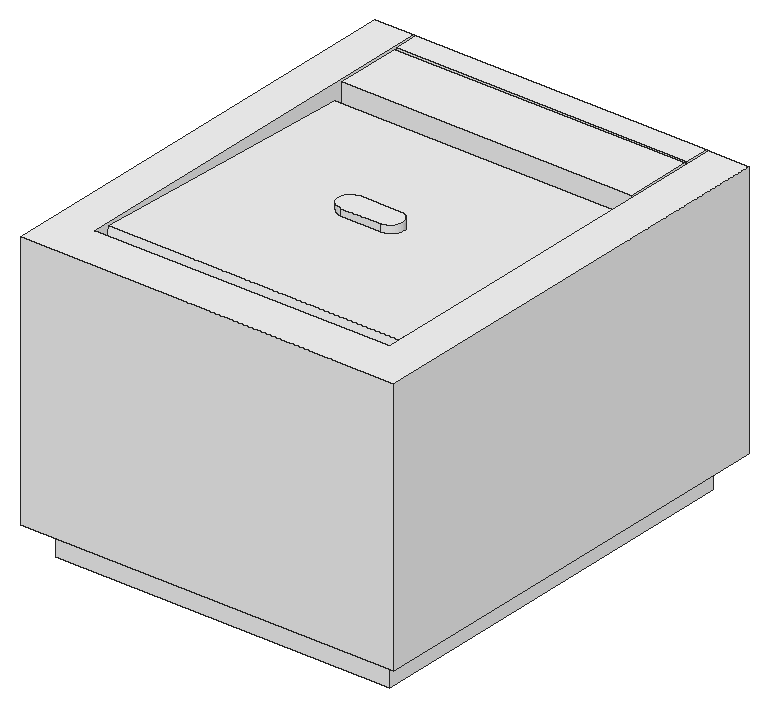
Revit family "Gira_015230", category Electrical Fixtures, host Face, Revit 2017
Family settings
  Host = Face
  Maintain Annotation Orientation = Yes
  Round Connector Dimension = Use Diameter
  Part Type = Normal
  Cut with Voids When Loaded = No
  Shared = No
  Room Calculation Point = No
Parameters (values of type "Rocker btn NO con. s.sig. in.sp. WP surface-mounted grey")
  With lighting = "No"
  White [instance] = White
  URL = "http://katalog.gira.de/en/datenblatt.html?artikelnr=015230"
  Transparent = "No"
  Surface protection = "Other"
  Suitable for degree of protection (IP) = "IP44"
  Rated current = "10"
  Number of rockers = "1"
  Nominal voltage = "250"
  Name = "Rocker btn NO con. s.sig. in.sp. WP surface-mounted grey"
  Mounting method = "Surface mounted (plaster)"
  Model = "Single push button"
  Method of operation = "Rocker"
  Material quality = "Other"
  Material = "Other"
  Manufacturer URL = "https://www.gira.de/"
  Manufacturer = "Gira"
  Label space/information surface = "No"
  Imprint = "None"
  HeinzeBIM = "https://bimportal.heinze.de/bim/rocker-btn-no-con-s-sig-in-sp-wp-surface-mounted-grey/329170ea7785cbead1710d089d11a5d5d2393a49"
  Halogen free = "No"
  HAN = "015230"
  GTIN = "4010337152309"
  Feedback-signal contact = "Yes"
  Description = "Rock.btn NO con.s.sig.in.sp. WP SM GY,Rocker Button 10 AX 250 V~ with inscription space,NO contact, 1-pole with sep. signal contact,grey,Notes :,- Can also be connected with illumination."
  Default Elevation = 1219.2 mm
  Data sheet (1) = "https://katalog.gira.de/en/download.html?artikelnr=015230"
  Contacts = "1 make contact (NO)"
  Colour = "Grey"
  Category = "Push-switch button"
  BIM (1) = "https://media.stage.bim.site/public/gira/36a6b08/IP44_Komplettgerät_Schalten und Tasten.rfa?public/gira/36a6b08/IP44_Komplettgerät_Schalten und Tasten.rfa"
  Available = "No"
  Assembly arrangement = "Basic element with complete housing"
Reference planes
  plane 1 "Center (Front/Back)": y = 0
  plane 2: z = 0
  plane 3 "Center (Left/Right)": x = 0
  plane 4: x = 30
  plane 5: x = -30
  plane 6: z = 41.4
Forms (mm)
  Extrusion 1, solid, material "White" <- "White", detail levels medium+fine
    sketch origin (0, 0, 0) x (1, 0, 0) y (0, 1, 0)
      loop
        line (-34, 41) -> (-34, -41) -> (34, -41) -> (34, 41) -> (-34, 41)
    from 0 to -6.2
  Extrusion 2, solid, material "White" <- "White", detail levels medium+fine
    sketch origin (0, 0, 0) x (1, 0, 0) y (0, 1, 0)
      loop
        line (-38, 45) -> (-38, -45) -> (38, -45) -> (38, 45) -> (-38, 45)
    from 0 to 52.4
  Extrusion 3, void
    sketch origin (0, 0, 0) x (1, 0, 0) y (0, 0, 1)
      loop
        line (-30, 59.413) -> (-30, 41.4) -> (30, 41.4) -> (30, 59.413) -> (-30, 59.413)
    from 36 to -113.06
  Extrusion 4, solid, material "White" <- "White", detail levels medium
    sketch origin (225, 0, 0) x (1, 0, 0) y (0, 1, 0)
      loop
        line (-254.5, 44.5) -> (-254.5, -35.5) -> (-195.5, -35.5) -> (-195.5, 44.5) -> (-254.5, 44.5)
    from 41.4 to 52.4
  Extrusion 5, solid, material "White" <- "White", detail levels fine
    sketch origin (0, 0, 0) x (1, 0, 0) y (0, 1, 0)
      loop
        line (-29.5, 45) -> (-29.5, 40) -> (29.5, 40) -> (29.5, 45) -> (-29.5, 45)
    from 41.4 to 52.4
  Extrusion 6, solid, material "White" <- "White", detail levels fine
    sketch origin (0, 0, 0) x (1, 0, 0) y (0, 1, 0)
      loop
        line (29.5, 39.5) -> (-29.5, 39.5) -> (-29.5, 26) -> (29.5, 26) -> (29.5, 39.5)
    from 41.4 to 52.4
  Extrusion 7, solid, material "White" <- "White", detail levels fine
    sketch origin (0, 0, 0) x (1, 0, 0) y (0, 1, 0)
      loop
        arc (-4, -1) -> (-6.5, -3.5) -> (-4, -6) r 2.5
        line (-4, -6) -> (4, -6)
        arc (4, -6) -> (6.5, -3.5) -> (4, -1) r 2.5
        line (4, -1) -> (-4, -1)
    from 41.4 to 52.4
  Extrusion 8, solid, material "White" <- "White", detail levels coarse
    sketch origin (0, 0, 0) x (1, 0, 0) y (0, 1, 0)
      loop
        line (-38, 46) -> (-38, -45) -> (38, -45) -> (38, 46) -> (-38, 46)
    from -6.2 to 52.4
  Extrusion 9, solid, material "White" <- "White", detail levels medium+fine
    sketch origin (0, 0, 0) x (1, 0, 0) y (0, 0, 1)
      loop
        circle (0, 14) r 3.6
    from -46 to -45
  Extrusion 10, solid, material "White" <- "White", detail levels fine
    sketch origin (0, 0, 0) x (0, 1, 0) y (0, 0, 1)
      loop
        line (-36, 41.4) -> (26, 41.4) -> (24.38, 49.736) -> (-33.115, 52.169) -> (-36, 41.4)
    from -29.5 to 29.5
Cuts and joins
  Extrusion 3 cuts Extrusion 2
Dimensions and locks
  aligned and locked: plane 2 to host face
  aligned and locked: level to host face
  aligned and locked: plane 3 "Center (Left/Right)" to nested 1
  aligned and locked: plane 1 "Center (Front/Back)" to nested 1
Nested families
  nested 1: "Schalter" at (0, 0, 0), type "Schalter"
Connectors
  electrical at (0, 0, -6.2)
    settings: on Extrusion 1, index 1, voltage 224 V, apparent load 0 VA, apparent load phase1 0 VA, apparent load phase2 0 VA, apparent load phase3 0 VA, power factor 1, load classification "Other", number of poles 1, system type 30, power factor state 1, is connector primary yes, connector utility no, sub classification motor no, connector description ""
Definition of nested family "Schalter"
  Reference planes
    plane 1: y = 0
    plane 2: x = 0
  Lines and regions (mm)
    detail lines
      curve 1: circle (1.375, 2.778, 0) r 0.8 normal (0, 0, 1)
      curve 2: line (1.021, 2.061, 0) -> (0, 0, 0)
      curve 3: line (0, 0, 0) -> (-0.538, 0.266, 0)
  Dimensions and locks
    curve 2 to curve 2 = 2.3 mm
    curve 3 to curve 2 = 0.6 mm
    radius of curve 1 = 0.8 mm
